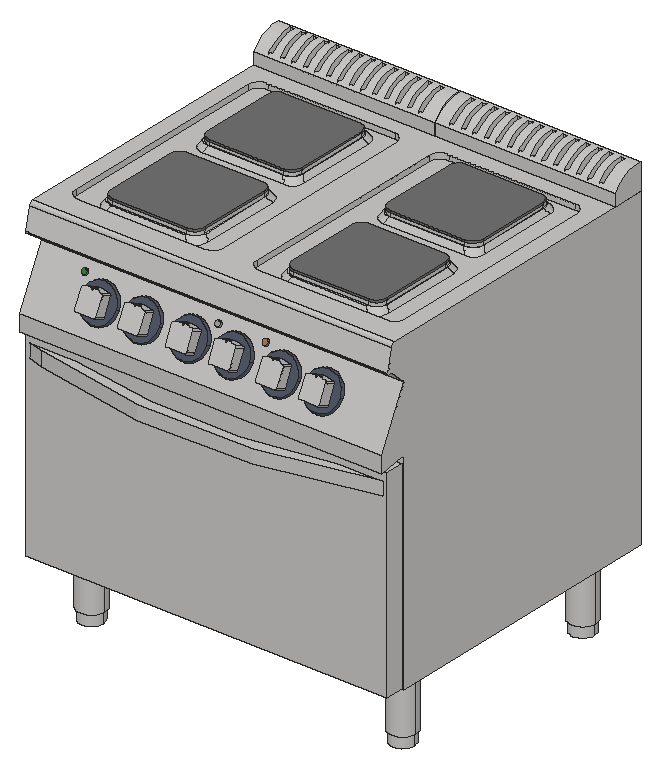
Revit family "QF_ZANUSSI_372018_Z7ECEH4QE0", category Specialty Equipment, Revit 2018
Family settings
  Round Connector Dimension = Use Diameter
  Part Type = Normal
  Work Plane-Based = No
  Always vertical = Yes
  Cut with Voids When Loaded = No
  Shared = No
  Room Calculation Point = No
Parameters
  Width = 800 mm  # constant formula
  Weight in Pounds = 176  # constant formula
  Weight = 0.00 kg
  Watts = 16400 W  # constant formula
  Volts = 400 V  # constant formula
  URL Manufacturer = "http://www.zanussiprofessional.com"
  URL Cutsheet = "www.electrolux.com/foodservice"
  URL = "http://www.zanussiprofessional.com"
  Type Mark [instance] = ""
  Steam Supply Size = 0"
  Steam Supply Minimum Pressure = 0.00 psi
  Steam Supply Maximum Pressure = 0.00 psi
  Steam Pounds per Hour = 0
  Status [instance] = ""
  Specification by User [instance] = ""
  Specification by Manufacturer = ""
  Show Logo [instance] = yes
  Show Clearance [instance] = yes
  Serial Number = ""
  Seismic Rating = ""
  SMACNA No = ""
  Revision Code [instance] = ""
  Refrigeration Suction Line Size = 0"
  Refrigeration Liquid Line Size = 0"
  Refrigerant Compressor Remote = yes
  Phase = 3  # constant formula
  Omniclass Number and Title = ""
  Number of Poles [instance] = 1
  NAFEM Spec ID Number = ""
  Model = "Z7ECEH4QE0"
  Min Ckt Ampacity = 0 A
  Max Overcurrent Protection = 0 A
  Masterspec = ""
  Manufacturer = "Zanussi"
  Length Actual = 800 mm  # constant formula
  Item Number [instance] = "372018"
  Installed By [instance] = ""
  Identify Quantity as Lot [instance] = yes
  Hot Water Size = 0"
  Height Actual = 850 mm  # constant formula
  Height = 908 mm  # constant formula
  HP = "22 HP"
  Gas Size = 0"
  Gas KW = 0
  Gas Input = 0.0 Btu/h
  Furnished By [instance] = ""
  Foodservice Equipment Identifier [instance] = yes
  FL Amps = if(Phase = 3, Watts / (Volts * 1.73), Watts / Volts)  # 23.6994 A
  Electrical Remarks [instance] = "400 V/3 ph/50/60 Hz"  # constant formula
  Electric Connection Type [instance] = ""
  Elec Conn RI Height [instance] = 0 mm
  Elec Conn Connection Height [instance] = 0 mm
  Direct Waste Size = 0"
  Description = "4-HOT SQUARE PLATE EL.RANGE+OVEN 800 MM"
  Depth Actual = 700 mm  # constant formula
  Depth = 715 mm  # constant formula
  Cycle = if([60 Hertz Option], 60 Hz, 50 Hz)  # 60 Hz
  Conn Plug = ""
  Conn Conduit = yes
  Condensate Return Size = 0"
  Compressed Air Volume = 0 GPM
  Compressed Air Size = 0"
  Compressed Air Pressure = 0.00 psi
  Cold Water Size = 0"
  CSI MasterFormat = ""
  CSI Master Format = ""
  Base Height [instance] = 150 mm  # constant formula
  Apparent Power = if(Phase = 3, Volts * FL Amps * 1.73, Volts * FL Amps)  # 16400 VA
  Accessory = yes
  60 Hertz Option = not([50 Hertz Option])  # yes
  50 Hertz Option = no
Reference planes
  plane 1 "BACK": y = 0
  plane 2: z = 0
  plane 3 "LEFT": x = 0
  plane 4 "RIGHT": x = 800
  plane 5 "FRONT": y = -715
  plane 6 "TOP": z = 908
  plane 7 "Center Y": x = 400
  plane 8 "Center X": y = -357.5
  plane 9 "TOP A": z = 851
  plane 10 "Base": z = 150
  plane 11 "panel": through (-6096, -654.982, 762.364) normal (0, -0.8956, 0.4448)
  plane 12: y = -700
Forms (mm)
  Extrusion 1, solid, material "QF_Finishes_Stainless Steel"
    sketch origin (0, 0, 0) x (0, 1, 0) y (0, 0, 1)
      loop
        line (0, 850) -> (-679.358, 850)
        arc (-679.358, 850) -> (-684.643, 847.811) -> (-686.833, 842.526) r 7.474
        line (-686.833, 842.526) -> (-699.884, 797.011)
        arc (-699.884, 797.011) -> (-699.396, 794.379) -> (-697, 793.184) r 3
        line (-697, 793.184) -> (-686.802, 793.184) -> (-654.982, 761.364) -> (-715, 640.508) -> (-715, 605.508) -> (-658.645, 613.428)
        arc (-658.645, 613.428) -> (-656.101, 612.674) -> (-655, 610.259) r 3.2
        line (-655, 610.259) -> (-655, 150) -> (0, 150) -> (0, 850)
      loop
        line (-700, 600) -> (-700, 155) -> (-660, 155) -> (-660, 600) -> (-700, 600)
    from 0 to 800
  Extrusion 2, solid, material "QF_Finishes_Clearance", visible <- "Show Clearance", detail levels coarse
    sketch origin (0, 0, 0) x (1, 0, 0) y (0, 1, 0)
      loop
        line (0, -715) -> (0, 0) -> (800, 0) -> (800, -715) -> (950.019, -715) -> (950.019, 150.019) -> (-150.019, 150.019) -> (-150.019, -715) -> (0, -715)
    from 0 to 908
  Revolve 3, solid, material "QF_Finishes_Stainless Steel"
    sketch origin (0, -587.387, 608.09) x (0, 0, 1) y (-1, 0, 0)
      loop
        line (-608.09, -56) -> (-458.09, -56) -> (-458.09, -26) -> (-583.09, -26) -> (-583.09, -29.75) -> (-608.09, -29.75) -> (-608.09, -56)
      axis (-608.09, -56) -> (-458.09, -56)
    angle from 0 to 360
  Revolve 4, solid, material "QF_Finishes_Stainless Steel"
    sketch origin (400.05, -587.387, 608.09) x (0, 0, 1) y (-1, 0, 0)
      loop
        line (-608.09, -343.95) -> (-608.09, -370.2) -> (-583.09, -370.2) -> (-583.09, -373.95) -> (-458.09, -373.95) -> (-458.09, -343.95) -> (-608.09, -343.95)
      axis (-608.09, -343.95) -> (-458.09, -343.95)
    angle from 0 to 360
  Revolve 5, solid, material "QF_Finishes_Stainless Steel"
    sketch origin (0, -90, 608.09) x (0, 0, 1) y (-1, 0, 0)
      loop
        line (-608.09, -56) -> (-458.09, -56) -> (-458.09, -26) -> (-583.09, -26) -> (-583.09, -29.75) -> (-608.09, -29.75) -> (-608.09, -56)
      axis (-608.09, -56) -> (-458.09, -56)
    angle from 0 to 360
  Revolve 6, solid, material "QF_Finishes_Stainless Steel"
    sketch origin (400.05, -90, 608.09) x (0, 0, 1) y (-1, 0, 0)
      loop
        line (-608.09, -343.95) -> (-608.09, -370.2) -> (-583.09, -370.2) -> (-583.09, -373.95) -> (-458.09, -373.95) -> (-458.09, -343.95) -> (-608.09, -343.95)
      axis (-608.09, -343.95) -> (-458.09, -343.95)
    angle from 0 to 360
  Extrusion 7, solid, material "QF_Finishes_Stainless Steel"
    sketch origin (-77.88, -4572, 150) x (-1, 0, 0) y (0, -1, 0)
      loop
        circle (-830.255, -4059.238) r 12.7
    from 3.2 to 0
  Extrusion 8, solid, material "QF_Finishes_Door Clearance", visible <- "Show Clearance", detail levels coarse
    sketch origin (400, 0, 0) x (0, 1, 0) y (0, 0, 1)
      loop
        line (-684.838, 155) -> (-684.838, 600)
        arc (-684.838, 600) -> (-986.753, 462.852) -> (-1110, 155) r 445
        line (-1110, 155) -> (-684.838, 155)
    from -400.05 to 400.05
  Extrusion 9, solid, material "QF_Finishes_Stainless Steel"
    sketch origin (0, 0, 576.362) x (0, 1, 0) y (0, 0, 1)
      loop
        line (0, 274.638) -> (0, 331.638)
        arc (0, 331.638) -> (-38.834, 324.478) -> (-69.85, 300.038) r 82.215
        line (-69.85, 300.038) -> (-69.85, 274.638) -> (0, 274.638)
    from 0 to 400.05
  Extrusion 10, void
    sketch origin (0, 0, 851) x (0, -1, 0) y (1, 0, 0)
      loop
        line (6.761, 29.703) -> (63.911, 29.703) -> (63.911, 38.999) -> (6.761, 38.999) -> (6.761, 29.703)
      loop
        line (63.911, 64.487) -> (6.761, 64.487) -> (6.761, 55.191) -> (63.911, 55.191) -> (63.911, 64.487)
      loop
        line (63.911, 89.975) -> (6.761, 89.975) -> (6.761, 80.68) -> (63.911, 80.68) -> (63.911, 89.975)
      loop
        line (63.911, 115.464) -> (6.761, 115.464) -> (6.761, 106.168) -> (63.911, 106.168) -> (63.911, 115.464)
      loop
        line (63.911, 140.952) -> (6.761, 140.952) -> (6.761, 131.656) -> (63.911, 131.656) -> (63.911, 140.952)
      loop
        line (63.911, 166.44) -> (6.761, 166.44) -> (6.761, 157.145) -> (63.911, 157.145) -> (63.911, 166.44)
      loop
        line (63.911, 191.929) -> (6.761, 191.929) -> (6.761, 182.633) -> (63.911, 182.633) -> (63.911, 191.929)
      loop
        line (63.911, 217.417) -> (6.761, 217.417) -> (6.761, 208.121) -> (63.911, 208.121) -> (63.911, 217.417)
      loop
        line (63.911, 242.905) -> (6.761, 242.905) -> (6.761, 233.61) -> (63.911, 233.61) -> (63.911, 242.905)
      loop
        line (63.911, 268.394) -> (6.761, 268.394) -> (6.761, 259.098) -> (63.911, 259.098) -> (63.911, 268.394)
      loop
        line (63.911, 293.882) -> (6.761, 293.882) -> (6.761, 284.586) -> (63.911, 284.586) -> (63.911, 293.882)
      loop
        line (63.911, 319.37) -> (6.761, 319.37) -> (6.761, 310.075) -> (63.911, 310.075) -> (63.911, 319.37)
      loop
        line (63.911, 344.859) -> (6.761, 344.859) -> (6.761, 335.563) -> (63.911, 335.563) -> (63.911, 344.859)
      loop
        line (63.911, 370.347) -> (6.761, 370.347) -> (6.761, 361.051) -> (63.911, 361.051) -> (63.911, 370.347)
    from 25.4 to 63.5
  Extrusion 11, void
    sketch origin (0, 0, 851) x (1, 0, 0) y (0, -1, 0)
      loop
        line (60.425, 104.885) -> (339.575, 104.885)
        arc (339.575, 104.885) -> (357.536, 112.324) -> (364.975, 130.285) r 25.4
        line (364.975, 130.285) -> (364.975, 604.235)
        arc (364.975, 604.235) -> (357.536, 622.195) -> (339.575, 629.635) r 25.4
        line (339.575, 629.635) -> (60.425, 629.635)
        arc (60.425, 629.635) -> (42.464, 622.195) -> (35.025, 604.235) r 25.4
        line (35.025, 604.235) -> (35.025, 130.285)
        arc (35.025, 130.285) -> (42.464, 112.324) -> (60.425, 104.885) r 25.4
      loop
        arc (739.575, 104.885) -> (757.536, 112.324) -> (764.975, 130.285) r 25.4
        line (764.975, 130.285) -> (764.975, 604.235)
        arc (764.975, 604.235) -> (757.536, 622.195) -> (739.575, 629.635) r 25.4
        line (739.575, 629.635) -> (460.425, 629.635)
        arc (460.425, 629.635) -> (442.464, 622.195) -> (435.025, 604.235) r 25.4
        line (435.025, 604.235) -> (435.025, 130.285)
        arc (435.025, 130.285) -> (442.464, 112.324) -> (460.425, 104.885) r 25.4
        line (460.425, 104.885) -> (739.575, 104.885)
    from 0 to 12.7
  Extrusion 12, solid, material "QF_Finishes_Stainless Steel"
    sketch origin (400.05, 0, 576.362) x (0, 1, 0) y (0, 0, 1)
      loop
        line (0, 274.638) -> (0, 331.638)
        arc (0, 331.638) -> (-38.834, 324.478) -> (-69.85, 300.038) r 82.215
        line (-69.85, 300.038) -> (-69.85, 274.638) -> (0, 274.638)
    from 0 to 400.05
  Extrusion 13, void
    sketch origin (400.05, 0, 851) x (0, -1, 0) y (1, 0, 0)
      loop
        line (6.761, 29.653) -> (63.911, 29.653) -> (63.911, 38.949) -> (6.761, 38.949) -> (6.761, 29.653)
      loop
        line (63.911, 64.437) -> (6.761, 64.437) -> (6.761, 55.141) -> (63.911, 55.141) -> (63.911, 64.437)
      loop
        line (63.911, 89.925) -> (6.761, 89.925) -> (6.761, 80.63) -> (63.911, 80.63) -> (63.911, 89.925)
      loop
        line (63.911, 115.414) -> (6.761, 115.414) -> (6.761, 106.118) -> (63.911, 106.118) -> (63.911, 115.414)
      loop
        line (63.911, 140.902) -> (6.761, 140.902) -> (6.761, 131.606) -> (63.911, 131.606) -> (63.911, 140.902)
      loop
        line (63.911, 166.39) -> (6.761, 166.39) -> (6.761, 157.095) -> (63.911, 157.095) -> (63.911, 166.39)
      loop
        line (63.911, 191.879) -> (6.761, 191.879) -> (6.761, 182.583) -> (63.911, 182.583) -> (63.911, 191.879)
      loop
        line (63.911, 217.367) -> (6.761, 217.367) -> (6.761, 208.071) -> (63.911, 208.071) -> (63.911, 217.367)
      loop
        line (63.911, 242.855) -> (6.761, 242.855) -> (6.761, 233.56) -> (63.911, 233.56) -> (63.911, 242.855)
      loop
        line (63.911, 268.344) -> (6.761, 268.344) -> (6.761, 259.048) -> (63.911, 259.048) -> (63.911, 268.344)
      loop
        line (63.911, 293.832) -> (6.761, 293.832) -> (6.761, 284.536) -> (63.911, 284.536) -> (63.911, 293.832)
      loop
        line (63.911, 319.32) -> (6.761, 319.32) -> (6.761, 310.025) -> (63.911, 310.025) -> (63.911, 319.32)
      loop
        line (63.911, 344.809) -> (6.761, 344.809) -> (6.761, 335.513) -> (63.911, 335.513) -> (63.911, 344.809)
      loop
        line (63.911, 370.297) -> (6.761, 370.297) -> (6.761, 361.001) -> (63.911, 361.001) -> (63.911, 370.297)
    from 25.4 to 63.5
  Blend 14, solid, material "QF_Finishes_Navy Blue"
    base sketch origin (152.5, -684.991, 701.936) x (1, 0, 0) y (0, 0.444781, 0.895639)
      loop
        circle (0, 0) r 42.5
    top sketch origin (152.5, -684.991, 701.936) x (1, 0, 0) y (0, 0.444781, 0.895639)
      loop
        circle (0, 0) r 40.5
    from 0 to 5
  Extrusion 15, solid, material "QF_Finishes_Stainless Steel"
    sketch origin (152.5, -684.991, 701.936) x (1, 0, 0) y (0, 0.444781, 0.895639)
      loop
        arc (-21.147, 22.789) -> (-22.494, 21.685) -> (-23, 20.019) r 2.997
        line (-23, 20.019) -> (-23, -20.019)
        arc (-23, -20.019) -> (-22.122, -22.138) -> (-20.003, -23.016) r 2.997
        line (-20.003, -23.016) -> (20.003, -23.016)
        arc (20.003, -23.016) -> (22.122, -22.138) -> (23, -20.019) r 2.997
        line (23, -20.019) -> (23, 20.019)
        arc (23, 20.019) -> (22.494, 21.685) -> (21.147, 22.789) r 2.997
        arc (21.147, 22.789) -> (0, 26.984) -> (-21.147, 22.789) r 55.4
    from 10 to 34
  Extrusion 16, solid, material "QF_Plastic-Black-Matte"
    sketch origin (210, -684.991, 701.936) x (0, 0.444781, 0.895639) y (0, -0.895639, 0.444781)
      loop
        line (26.984, 34) -> (26.984, 19) -> (27.984, 19) -> (27.984, 34)
        arc (27.984, 34) -> (27.691, 34.707) -> (26.984, 35) r 1
        line (26.984, 35) -> (23.984, 35) -> (23.984, 34) -> (26.984, 34)
    from -58.5 to -56.5
  Extrusion 17, solid, material "QF_Finishes_Stainless Steel"
    sketch origin (152.5, -684.991, 701.936) x (1, 0, 0) y (0, 0.444781, 0.895639)
      loop
        line (17.5, 17.5) -> (-17.5, 17.5) -> (-17.5, -17.5) -> (17.5, -17.5) -> (17.5, 17.5)
    from 5 to 10
  Extrusion 18, solid, material "QF_Plastic-Black-Matte"
    sketch origin (190, -684.991, 701.936) x (0, 0.444781, 0.895639) y (0, 0.895639, -0.444781)
      loop
        line (26.984, -34) -> (23.984, -34) -> (23.984, -35) -> (26.984, -35)
        arc (26.984, -35) -> (27.691, -34.707) -> (27.984, -34) r 1
        line (27.984, -34) -> (27.984, -19) -> (26.984, -19) -> (26.984, -34)
    from -58.5 to -56.5
  Extrusion 19, solid, material "QF_Finishes_Stainless Steel"
    sketch origin (247.5, -684.991, 701.936) x (-1, 0, 0) y (0, -0.444781, -0.895639)
      loop
        line (17.55, -17.5) -> (17.55, 17.5) -> (-17.45, 17.5) -> (-17.45, -17.5) -> (17.55, -17.5)
    from 5 to 10
  Blend 20, solid, material "QF_Finishes_Navy Blue"
    base sketch origin (247.5, -684.991, 701.936) x (1, 0, 0) y (0, 0.444781, 0.895639)
      loop
        circle (-0.05, 0) r 42.5
    top sketch origin (247.5, -684.991, 701.936) x (1, 0, 0) y (0, 0.444781, 0.895639)
      loop
        circle (-0.05, 0) r 40.5
    from 0 to 5
  Extrusion 21, solid, material "QF_Finishes_Stainless Steel"
    sketch origin (247.5, -684.991, 701.936) x (-1, 0, 0) y (0, -0.444781, -0.895639)
      loop
        arc (-21.097, -22.789) -> (0.05, -26.984) -> (21.197, -22.789) r 55.4
        arc (21.197, -22.789) -> (22.544, -21.685) -> (23.05, -20.019) r 2.997
        line (23.05, -20.019) -> (23.05, 20.019)
        arc (23.05, 20.019) -> (22.172, 22.138) -> (20.053, 23.016) r 2.997
        line (20.053, 23.016) -> (-19.953, 23.016)
        arc (-19.953, 23.016) -> (-22.072, 22.138) -> (-22.95, 20.019) r 2.997
        line (-22.95, 20.019) -> (-22.95, -20.019)
        arc (-22.95, -20.019) -> (-22.444, -21.685) -> (-21.097, -22.789) r 2.997
    from 10 to 34
  Blend 22, solid, material "QF_Finishes_Navy Blue"
    base sketch origin (447.5, -684.991, 701.936) x (1, 0, 0) y (0, 0.444781, 0.895639)
      loop
        circle (-0.05, 0) r 42.5
    top sketch origin (447.5, -684.991, 701.936) x (1, 0, 0) y (0, 0.444781, 0.895639)
      loop
        circle (-0.05, 0) r 40.5
    from 0 to 5
  Extrusion 23, solid, material "QF_Finishes_Stainless Steel"
    sketch origin (215, -684.991, 701.936) x (1, 0, 0) y (0, 0.444781, 0.895639)
      loop
        arc (211.303, 22.789) -> (209.956, 21.685) -> (209.45, 20.019) r 2.997
        line (209.45, 20.019) -> (209.45, -20.019)
        arc (209.45, -20.019) -> (210.328, -22.138) -> (212.447, -23.016) r 2.997
        line (212.447, -23.016) -> (252.453, -23.016)
        arc (252.453, -23.016) -> (254.572, -22.138) -> (255.45, -20.019) r 2.997
        line (255.45, -20.019) -> (255.45, 20.019)
        arc (255.45, 20.019) -> (254.944, 21.685) -> (253.597, 22.789) r 2.997
        arc (253.597, 22.789) -> (232.45, 26.984) -> (211.303, 22.789) r 55.4
    from 10 to 34
  Blend 24, solid, material "QF_Finishes_Navy Blue"
    base sketch origin (552.5, -684.991, 701.936) x (1, 0, 0) y (0, 0.444781, 0.895639)
      loop
        circle (-0.05, 0) r 42.5
    top sketch origin (552.5, -684.991, 701.936) x (1, 0, 0) y (0, 0.444781, 0.895639)
      loop
        circle (-0.05, 0) r 40.5
    from 0 to 5
  Extrusion 25, solid, material "QF_Finishes_Stainless Steel"
    sketch origin (552.5, -684.991, 701.936) x (1, 0, 0) y (0, 0.444781, 0.895639)
      loop
        arc (-21.197, 22.789) -> (-22.544, 21.685) -> (-23.05, 20.019) r 2.997
        line (-23.05, 20.019) -> (-23.05, -20.019)
        arc (-23.05, -20.019) -> (-22.172, -22.138) -> (-20.053, -23.016) r 2.997
        line (-20.053, -23.016) -> (19.953, -23.016)
        arc (19.953, -23.016) -> (22.072, -22.138) -> (22.95, -20.019) r 2.997
        line (22.95, -20.019) -> (22.95, 20.019)
        arc (22.95, 20.019) -> (22.444, 21.685) -> (21.097, 22.789) r 2.997
        arc (21.097, 22.789) -> (-0.05, 26.984) -> (-21.197, 22.789) r 55.4
    from 10 to 34
  Extrusion 26, solid, material "QF_Plastic-Black-Matte"
    sketch origin (610, -684.991, 701.936) x (0, 0.444781, 0.895639) y (0, -0.895639, 0.444781)
      loop
        line (26.984, 34) -> (26.984, 19) -> (27.984, 19) -> (27.984, 34)
        arc (27.984, 34) -> (27.691, 34.707) -> (26.984, 35) r 1
        line (26.984, 35) -> (23.984, 35) -> (23.984, 34) -> (26.984, 34)
    from -58.5 to -56.5
  Extrusion 27, solid, material "QF_Finishes_Stainless Steel"
    sketch origin (552.5, -684.991, 701.936) x (1, 0, 0) y (0, 0.444781, 0.895639)
      loop
        line (17.45, 17.5) -> (-17.55, 17.5) -> (-17.55, -17.5) -> (17.45, -17.5) -> (17.45, 17.5)
    from 5 to 10
  Extrusion 28, solid, material "QF_Plastic-Black-Matte"
    sketch origin (590, -684.991, 701.936) x (0, 0.444781, 0.895639) y (0, 0.895639, -0.444781)
      loop
        line (26.984, -34) -> (23.984, -34) -> (23.984, -35) -> (26.984, -35)
        arc (26.984, -35) -> (27.691, -34.707) -> (27.984, -34) r 1
        line (27.984, -34) -> (27.984, -19) -> (26.984, -19) -> (26.984, -34)
    from -58.5 to -56.5
  Extrusion 29, solid, material "QF_Finishes_Stainless Steel"
    sketch origin (647.5, -684.991, 701.936) x (-1, 0, 0) y (0, -0.444781, -0.895639)
      loop
        line (17.6, -17.5) -> (17.6, 17.5) -> (-17.4, 17.5) -> (-17.4, -17.5) -> (17.6, -17.5)
    from 5 to 10
  Blend 30, solid, material "QF_Finishes_Navy Blue"
    base sketch origin (647.5, -684.991, 701.936) x (1, 0, 0) y (0, 0.444781, 0.895639)
      loop
        circle (-0.1, 0) r 42.5
    top sketch origin (647.5, -684.991, 701.936) x (1, 0, 0) y (0, 0.444781, 0.895639)
      loop
        circle (-0.1, 0) r 40.5
    from 0 to 5
  Extrusion 31, solid, material "QF_Finishes_Stainless Steel"
    sketch origin (647.5, -684.991, 701.936) x (-1, 0, 0) y (0, -0.444781, -0.895639)
      loop
        arc (-21.047, -22.789) -> (0.1, -26.984) -> (21.247, -22.789) r 55.4
        arc (21.247, -22.789) -> (22.594, -21.685) -> (23.1, -20.019) r 2.997
        line (23.1, -20.019) -> (23.1, 20.019)
        arc (23.1, 20.019) -> (22.222, 22.138) -> (20.103, 23.016) r 2.997
        line (20.103, 23.016) -> (-19.903, 23.016)
        arc (-19.903, 23.016) -> (-22.022, 22.138) -> (-22.9, 20.019) r 2.997
        line (-22.9, 20.019) -> (-22.9, -20.019)
        arc (-22.9, -20.019) -> (-22.394, -21.685) -> (-21.047, -22.789) r 2.997
    from 10 to 34
  Extrusion 32, solid, material "QF_Plastic-Black-Matte"
    sketch origin (295, -684.991, 701.936) x (0, 0.444781, 0.895639) y (0, 0.895639, -0.444781)
      loop
        line (26.984, -34) -> (23.984, -34) -> (23.984, -35) -> (26.984, -35)
        arc (26.984, -35) -> (27.691, -34.707) -> (27.984, -34) r 1
        line (27.984, -34) -> (27.984, -19) -> (26.984, -19) -> (26.984, -34)
    from -58.5 to -56.5
  Extrusion 33, solid, material "QF_Finishes_Stainless Steel"
    sketch origin (352.5, -684.991, 701.936) x (-1, 0, 0) y (0, -0.444781, -0.895639)
      loop
        line (17.55, -17.5) -> (17.55, 17.5) -> (-17.45, 17.5) -> (-17.45, -17.5) -> (17.55, -17.5)
    from 5 to 10
  Extrusion 34, solid, material "QF_Finishes_Stainless Steel"
    sketch origin (352.5, -684.991, 701.936) x (-1, 0, 0) y (0, -0.444781, -0.895639)
      loop
        arc (-21.097, -22.789) -> (0.05, -26.984) -> (21.197, -22.789) r 55.4
        arc (21.197, -22.789) -> (22.544, -21.685) -> (23.05, -20.019) r 2.997
        line (23.05, -20.019) -> (23.05, 20.019)
        arc (23.05, 20.019) -> (22.172, 22.138) -> (20.053, 23.016) r 2.997
        line (20.053, 23.016) -> (-19.953, 23.016)
        arc (-19.953, 23.016) -> (-22.072, 22.138) -> (-22.95, 20.019) r 2.997
        line (-22.95, 20.019) -> (-22.95, -20.019)
        arc (-22.95, -20.019) -> (-22.444, -21.685) -> (-21.097, -22.789) r 2.997
    from 10 to 34
  Blend 35, solid, material "QF_Finishes_Navy Blue"
    base sketch origin (352.5, -684.991, 701.936) x (1, 0, 0) y (0, 0.444781, 0.895639)
      loop
        circle (-0.05, 0) r 42.5
    top sketch origin (352.5, -684.991, 701.936) x (1, 0, 0) y (0, 0.444781, 0.895639)
      loop
        circle (-0.05, 0) r 40.5
    from 0 to 5
  Extrusion 36, solid, material "QF_Plastic-Black-Matte"
    sketch origin (390, -684.991, 701.936) x (0, 0.444781, 0.895639) y (0, 0.895639, -0.444781)
      loop
        line (26.984, -34) -> (23.984, -34) -> (23.984, -35) -> (26.984, -35)
        arc (26.984, -35) -> (27.691, -34.707) -> (27.984, -34) r 1
        line (27.984, -34) -> (27.984, -19) -> (26.984, -19) -> (26.984, -34)
    from -58.5 to -56.5
  Extrusion 37, solid, material "QF_Finishes_Stainless Steel"
    sketch origin (447.5, -684.991, 701.936) x (-1, 0, 0) y (0, -0.444781, -0.895639)
      loop
        line (17.55, -17.5) -> (17.55, 17.5) -> (-17.45, 17.5) -> (-17.45, -17.5) -> (17.55, -17.5)
    from 5 to 10
  Extrusion 38, solid, material "QF_Finishes_Gray"
    sketch origin (0, -829.045, 411.86) x (0, 0.444781, 0.895639) y (-1, 0, 0)
      loop
        circle (366.376, -399.95) r 6
    from 0 to 1.6
  Extrusion 39, solid, material "QF_Finishes_Brown"
    sketch origin (105, -829.045, 411.86) x (0, 0.444781, 0.895639) y (-1, 0, 0)
      loop
        circle (366.376, -399.95) r 6
    from 0 to 1.6
  Extrusion 40, solid, material "QF_Finishes_DarkGreen"
    sketch origin (-295, -829.045, 411.86) x (0, 0.444781, 0.895639) y (-1, 0, 0)
      loop
        circle (366.376, -400) r 6
    from 0 to 1.6
  Extrusion 41, solid, material "QF_Finishes_Stainless Steel"
    sketch origin (-77.88, -4572, 150) x (-1, 0, 0) y (0, -1, 0)
      loop
        line (-867.83, -3872) -> (-774.225, -3872)
        arc (-774.225, -3872) -> (-477.88, -3837.012) -> (-181.535, -3872) r 1272.488
        line (-181.535, -3872) -> (-87.93, -3872)
        arc (-87.93, -3872) -> (-105.149, -3866.705) -> (-122.441, -3861.65) r 1297.485
        arc (-122.441, -3861.65) -> (-495.895, -3812.14) -> (-867.83, -3872) r 1297.485
    from 400 to 430
Cuts and joins
  Extrusion 10, Extrusion 13 cuts Extrusion 9
  Extrusion 11 cuts Extrusion 1
  Extrusion 13 cuts Extrusion 2
  Extrusion 13 cuts Extrusion 12
Lines and regions (mm)
  Split face 1
    outline origin (152.5, -689.469, 704.16) x (1, 0, 0) y (0, 0.444781, 0.895639)
      loop
        circle (-33, 0) r 3
  Split face 2
    outline origin (253.401, -689.469, 704.16) x (1, 0, 0) y (0, 0.444781, 0.895639)
      loop
        line (-8.901, 38.561) -> (-8.901, 28.561) -> (-2.901, 28.561) -> (-2.901, 38.561) -> (-8.901, 38.561)
  Split face 3
    outline origin (253.401, -689.469, 704.16) x (1, 0, 0) y (0, 0.444781, 0.895639)
      loop
        line (-8.401, 38.061) -> (-8.401, 29.061) -> (-3.401, 29.061) -> (-3.401, 38.061) -> (-8.401, 38.061)
  Split face 4
    outline origin (253.401, -689.469, 704.16) x (1, 0, 0) y (0, 0.444781, 0.895639)
      loop
        line (-8.401, 33.561) -> (-3.401, 33.561)
  Split face 5
    outline origin (253.401, -689.469, 704.16) x (1, 0, 0) y (0, 0.444781, 0.895639)
      loop
        line (-8.401, 33.061) -> (-3.401, 33.061)
  Split face 6
    outline origin (158.401, -689.469, 704.16) x (1, 0, 0) y (0, 0.444781, 0.895639)
      loop
        line (-8.901, 38.561) -> (-8.901, 28.561) -> (-2.901, 28.561) -> (-2.901, 38.561) -> (-8.901, 38.561)
  Split face 7
    outline origin (158.401, -689.469, 704.16) x (1, 0, 0) y (0, 0.444781, 0.895639)
      loop
        line (-8.401, 38.061) -> (-8.401, 29.061) -> (-3.401, 29.061) -> (-3.401, 38.061) -> (-8.401, 38.061)
  Split face 8
    outline origin (158.401, -689.469, 704.16) x (1, 0, 0) y (0, 0.444781, 0.895639)
      loop
        line (-8.401, 34.061) -> (-3.401, 34.061)
  Split face 9
    outline origin (158.401, -689.469, 704.16) x (1, 0, 0) y (0, 0.444781, 0.895639)
      loop
        line (-8.401, 33.561) -> (-3.401, 33.561)
  Split face 10
    outline origin (178.157, -675.159, 732.975) x (-1, 0, 0) y (0, -0.444781, -0.895639)
      loop
        circle (43.456, 61.543) r 1.5
  Split face 11
    outline origin (158.401, -689.469, 704.16) x (1, 0, 0) y (0, 0.444781, 0.895639)
      loop
        circle (-5.901, 31.311) r 2.029
  Split face 12
    outline origin (253.401, -689.469, 704.16) x (1, 0, 0) y (0, 0.444781, 0.895639)
      loop
        circle (-5.901, 35.811) r 2.031
  Split face 13
    outline origin (152.5, -689.469, 704.16) x (1, 0, 0) y (0, 0.444781, 0.895639)
      loop
        circle (-24.487, 26.694) r 3.497
  Split face 14
    outline origin (247.5, -689.469, 704.16) x (1, 0, 0) y (0, 0.444781, 0.895639)
      loop
        circle (-24.487, 26.694) r 3.497
  Split face 15
    outline origin (247.5, -689.469, 704.16) x (1, 0, 0) y (0, 0.444781, 0.895639)
      loop
        circle (-33, 0) r 3
  Split face 16
    outline origin (247.5, -689.469, 704.16) x (1, 0, 0) y (0, 0.444781, 0.895639)
      loop
        circle (-17.8, -29.371) r 1.5
  Split face 17
    outline origin (447.5, -689.469, 704.16) x (1, 0, 0) y (0, 0.444781, 0.895639)
      loop
        circle (0, 33) r 1
  Split face 18
    outline origin (447.5, -689.469, 704.16) x (1, 0, 0) y (0, 0.444781, 0.895639)
      loop
        circle (-33, 0) r 1
  Split face 19
    outline origin (447.5, -689.469, 704.16) x (-1, 0, 0) y (0, 0.444781, 0.895639)
      loop
        circle (31.876, -8.541) r 1
  Split face 20
    outline origin (447.5, -689.469, 704.16) x (-1, 0, 0) y (0, 0.444781, 0.895639)
      loop
        circle (28.579, -16.5) r 1
  Split face 21
    outline origin (447.5, -689.469, 704.16) x (-1, 0, 0) y (0, 0.444781, 0.895639)
      loop
        circle (23.335, -23.335) r 1
  Split face 22
    outline origin (447.5, -689.469, 704.16) x (-1, 0, 0) y (0, 0.444781, 0.895639)
      loop
        circle (16.5, -28.579) r 1
  Split face 23
    outline origin (447.5, -689.469, 704.16) x (-1, 0, 0) y (0, 0.444781, 0.895639)
      loop
        circle (8.541, -31.876) r 1
  Split face 24
    outline origin (447.5, -689.469, 704.16) x (1, 0, 0) y (0, -0.444781, -0.895639)
      loop
        circle (33, 0) r 1
  Split face 25
    outline origin (447.5, -689.469, 704.16) x (-1, 0, 0) y (0, -0.444781, -0.895639)
      loop
        circle (-8.541, 31.876) r 1
  Split face 26
    outline origin (447.5, -689.469, 704.16) x (-1, 0, 0) y (0, -0.444781, -0.895639)
      loop
        circle (-16.5, 28.579) r 1
  Split face 27
    outline origin (447.5, -689.469, 704.16) x (-1, 0, 0) y (0, -0.444781, -0.895639)
      loop
        circle (-23.335, 23.335) r 1
  Split face 28
    outline origin (447.5, -689.469, 704.16) x (-1, 0, 0) y (0, -0.444781, -0.895639)
      loop
        circle (-28.579, 16.5) r 1
  Split face 29
    outline origin (447.5, -689.469, 704.16) x (-1, 0, 0) y (0, -0.444781, -0.895639)
      loop
        circle (-31.876, 8.541) r 1
  Split face 30
    outline origin (552.5, -689.469, 704.16) x (1, 0, 0) y (0, 0.444781, 0.895639)
      loop
        circle (-33, 0) r 3
  Split face 31
    outline origin (653.401, -689.469, 704.16) x (1, 0, 0) y (0, 0.444781, 0.895639)
      loop
        line (-8.901, 38.561) -> (-8.901, 28.561) -> (-2.901, 28.561) -> (-2.901, 38.561) -> (-8.901, 38.561)
  Split face 32
    outline origin (653.401, -689.469, 704.16) x (1, 0, 0) y (0, 0.444781, 0.895639)
      loop
        line (-8.401, 38.061) -> (-8.401, 29.061) -> (-3.401, 29.061) -> (-3.401, 38.061) -> (-8.401, 38.061)
  Split face 33
    outline origin (653.401, -689.469, 704.16) x (1, 0, 0) y (0, 0.444781, 0.895639)
      loop
        line (-8.401, 33.561) -> (-3.401, 33.561)
  Split face 34
    outline origin (653.401, -689.469, 704.16) x (1, 0, 0) y (0, 0.444781, 0.895639)
      loop
        line (-8.401, 33.061) -> (-3.401, 33.061)
  Split face 35
    outline origin (558.401, -689.469, 704.16) x (1, 0, 0) y (0, 0.444781, 0.895639)
      loop
        line (-8.901, 38.561) -> (-8.901, 28.561) -> (-2.901, 28.561) -> (-2.901, 38.561) -> (-8.901, 38.561)
  Split face 36
    outline origin (558.401, -689.469, 704.16) x (1, 0, 0) y (0, 0.444781, 0.895639)
      loop
        line (-8.401, 38.061) -> (-8.401, 29.061) -> (-3.401, 29.061) -> (-3.401, 38.061) -> (-8.401, 38.061)
  Split face 37
    outline origin (558.401, -689.469, 704.16) x (1, 0, 0) y (0, 0.444781, 0.895639)
      loop
        line (-8.401, 34.061) -> (-3.401, 34.061)
  Split face 38
    outline origin (558.401, -689.469, 704.16) x (1, 0, 0) y (0, 0.444781, 0.895639)
      loop
        line (-8.401, 33.561) -> (-3.401, 33.561)
  Split face 39
    outline origin (578.157, -675.159, 732.975) x (-1, 0, 0) y (0, -0.444781, -0.895639)
      loop
        circle (43.456, 61.543) r 1.5
  Split face 40
    outline origin (558.401, -689.469, 704.16) x (1, 0, 0) y (0, 0.444781, 0.895639)
      loop
        circle (-5.901, 31.311) r 2.029
  Split face 41
    outline origin (653.401, -689.469, 704.16) x (1, 0, 0) y (0, 0.444781, 0.895639)
      loop
        circle (-5.901, 35.811) r 2.031
  Split face 42
    outline origin (552.5, -689.469, 704.16) x (1, 0, 0) y (0, 0.444781, 0.895639)
      loop
        circle (-24.487, 26.694) r 3.497
  Split face 43
    outline origin (647.5, -689.469, 704.16) x (1, 0, 0) y (0, 0.444781, 0.895639)
      loop
        circle (-24.487, 26.694) r 3.497
  Split face 44
    outline origin (647.5, -689.469, 704.16) x (1, 0, 0) y (0, 0.444781, 0.895639)
      loop
        circle (-33, 0) r 3
  Split face 45
    outline origin (647.5, -689.469, 704.16) x (1, 0, 0) y (0, 0.444781, 0.895639)
      loop
        circle (-17.8, -29.371) r 1.5
  Split face 46
    outline origin (447.5, -689.469, 704.16) x (1, 0, 0) y (0, 0.444781, 0.895639)
      loop
        circle (0, -33) r 1
  Split face 47
    outline origin (352.5, -689.469, 704.16) x (1, 0, 0) y (0, 0.444781, 0.895639)
      loop
        line (-35.5, 0.5) -> (-29.5, 0.5) -> (-29.5, 2.5) -> (-35.5, 2.5) -> (-35.5, 0.5)
  Split face 48
    outline origin (352.5, -690.803, 701.473) x (1, 0, 0) y (0, 0.444781, 0.895639)
      loop
        line (-35.5, 0.5) -> (-29.5, 0.5) -> (-29.5, 2.5) -> (-35.5, 2.5) -> (-35.5, 0.5)
  Split face 49
    outline origin (352.5, -689.469, 704.16) x (1, 0, 0) y (0, 0.444781, 0.895639)
      loop
        line (-3, -32.32) -> (-3, -34.32) -> (3, -34.32) -> (3, -32.32) -> (-3, -32.32)
  Split face 50
    outline origin (352.5, -689.469, 704.16) x (1, 0, 0) y (0, 0.444781, 0.895639)
      loop
        circle (0, 34.714) r 1.714
  symbolic lines, style "QF-Clearances", visible <- "Show Clearance", detail levels coarse
    curve 1: line (-150.019, 150.019, 851) -> (-150.019, -716.377, 851)
    curve 2: line (950.019, 150.019, 851) -> (-150.019, 150.019, 851)
    curve 3: line (950.019, -716.377, 851) -> (950.019, 150.019, 851)
  symbolic lines
    curve 4: line (0, 0, 851) -> (800, 0, 851)
    curve 5: line (0, -715, 851) -> (0, 0, 851)
    curve 6: line (800, 0, 851) -> (800, -715, 851)
    curve 7: line (0, -69.85, 851) -> (0, -63.012, 851)
    curve 8: line (0, -69.85, 851) -> (800, -69.85, 851)
    curve 12: line (400, -69.85, 851) -> (400, -63.012, 851)
    curve 13: line (60.375, -104.885, 851) -> (339.575, -104.885, 851)
    curve 14: arc (339.575, -104.885, 851) -> (357.536, -112.324, 851) -> (364.975, -130.285, 851) r 25.4
    curve 15: line (364.975, -130.285, 851) -> (364.975, -604.235, 851)
    curve 16: arc (364.975, -604.235, 851) -> (357.536, -622.195, 851) -> (339.575, -629.635, 851) r 25.4
    curve 17: line (339.575, -629.635, 851) -> (60.425, -629.635, 851)
    curve 18: arc (60.425, -629.635, 851) -> (42.464, -622.195, 851) -> (35.025, -604.235, 851) r 25.4
    curve 19: line (35.025, -604.235, 851) -> (35.025, -130.235, 851)
    curve 20: arc (35.025, -130.235, 851) -> (42.45, -112.31, 851) -> (60.375, -104.885, 851) r 25.35
    curve 21: line (460.375, -104.885, 851) -> (739.575, -104.885, 851)
    curve 22: arc (739.575, -104.885, 851) -> (757.536, -112.324, 851) -> (764.975, -130.285, 851) r 25.4
    curve 23: line (764.975, -130.285, 851) -> (764.975, -604.285, 851)
    curve 24: arc (764.975, -604.285, 851) -> (757.536, -622.245, 851) -> (739.575, -629.685, 851) r 25.4
    curve 25: line (739.575, -629.685, 851) -> (460.425, -629.685, 851)
    curve 26: arc (460.425, -629.685, 851) -> (442.429, -622.231, 851) -> (434.975, -604.235, 851) r 25.45
    curve 27: line (434.975, -604.235, 851) -> (434.975, -130.285, 851)
    curve 28: arc (434.975, -130.285, 851) -> (442.414, -112.324, 851) -> (460.375, -104.885, 851) r 25.4
    curve 29: line (400, -69.85, 851) -> (400, 0, 851)
    curve 30: line (29.653, -6.761, 851) -> (38.949, -6.761, 851)
    curve 31: line (29.653, -63.911, 851) -> (29.653, -6.761, 851)
    curve 32: line (38.949, -63.911, 851) -> (29.653, -63.911, 851)
    curve 33: line (38.949, -6.761, 851) -> (38.949, -63.911, 851)
    curve 34: line (55.141, -6.761, 851) -> (64.437, -6.761, 851)
    curve 35: line (55.141, -63.911, 851) -> (55.141, -6.761, 851)
    curve 36: line (64.437, -63.911, 851) -> (55.141, -63.911, 851)
    curve 37: line (64.437, -6.761, 851) -> (64.437, -63.911, 851)
    curve 38: line (80.63, -6.761, 851) -> (89.925, -6.761, 851)
    curve 39: line (80.63, -63.911, 851) -> (80.63, -6.761, 851)
    curve 40: line (89.925, -63.911, 851) -> (80.63, -63.911, 851)
    curve 41: line (89.925, -6.761, 851) -> (89.925, -63.911, 851)
    curve 42: line (106.118, -6.761, 851) -> (115.414, -6.761, 851)
    curve 43: line (106.118, -63.911, 851) -> (106.118, -6.761, 851)
    curve 44: line (115.414, -63.911, 851) -> (106.118, -63.911, 851)
    curve 45: line (115.414, -6.761, 851) -> (115.414, -63.911, 851)
    curve 46: line (131.606, -6.761, 851) -> (140.902, -6.761, 851)
    curve 47: line (131.606, -63.911, 851) -> (131.606, -6.761, 851)
    curve 48: line (140.902, -63.911, 851) -> (131.606, -63.911, 851)
    curve 49: line (140.902, -6.761, 851) -> (140.902, -63.911, 851)
    curve 50: line (157.095, -6.761, 851) -> (166.39, -6.761, 851)
    curve 51: line (157.095, -63.911, 851) -> (157.095, -6.761, 851)
    curve 52: line (166.39, -63.911, 851) -> (157.095, -63.911, 851)
    curve 53: line (166.39, -6.761, 851) -> (166.39, -63.911, 851)
    curve 54: line (182.583, -6.761, 851) -> (191.879, -6.761, 851)
    curve 55: line (182.583, -63.911, 851) -> (182.583, -6.761, 851)
    curve 56: line (191.879, -63.911, 851) -> (182.583, -63.911, 851)
    curve 57: line (191.879, -6.761, 851) -> (191.879, -63.911, 851)
    curve 58: line (208.071, -6.761, 851) -> (217.367, -6.761, 851)
    curve 59: line (208.071, -63.911, 851) -> (208.071, -6.761, 851)
    curve 60: line (217.367, -63.911, 851) -> (208.071, -63.911, 851)
    curve 61: line (217.367, -6.761, 851) -> (217.367, -63.911, 851)
    curve 62: line (233.56, -6.761, 851) -> (242.855, -6.761, 851)
    curve 63: line (233.56, -63.911, 851) -> (233.56, -6.761, 851)
    curve 64: line (242.855, -63.911, 851) -> (233.56, -63.911, 851)
    curve 65: line (242.855, -6.761, 851) -> (242.855, -63.911, 851)
    curve 66: line (259.048, -6.761, 851) -> (268.344, -6.761, 851)
    curve 67: line (259.048, -63.911, 851) -> (259.048, -6.761, 851)
    curve 68: line (268.344, -63.911, 851) -> (259.048, -63.911, 851)
    curve 69: line (268.344, -6.761, 851) -> (268.344, -63.911, 851)
    curve 70: line (284.536, -6.761, 851) -> (293.832, -6.761, 851)
    curve 71: line (284.536, -63.911, 851) -> (284.536, -6.761, 851)
    curve 72: line (293.832, -63.911, 851) -> (284.536, -63.911, 851)
    curve 73: line (293.832, -6.761, 851) -> (293.832, -63.911, 851)
    curve 74: line (310.025, -6.761, 851) -> (319.32, -6.761, 851)
    curve 75: line (310.025, -63.911, 851) -> (310.025, -6.761, 851)
    curve 76: line (319.32, -63.911, 851) -> (310.025, -63.911, 851)
    curve 77: line (319.32, -6.761, 851) -> (319.32, -63.911, 851)
    curve 78: line (335.513, -6.761, 851) -> (344.809, -6.761, 851)
    curve 79: line (335.513, -63.911, 851) -> (335.513, -6.761, 851)
    curve 80: line (344.809, -63.911, 851) -> (335.513, -63.911, 851)
    curve 81: line (344.809, -6.761, 851) -> (344.809, -63.911, 851)
    curve 82: line (361.001, -6.761, 851) -> (370.297, -6.761, 851)
    curve 83: line (361.001, -63.911, 851) -> (361.001, -6.761, 851)
    curve 84: line (370.297, -63.911, 851) -> (361.001, -63.911, 851)
    curve 85: line (370.297, -6.761, 851) -> (370.297, -63.911, 851)
    curve 86: line (770.297, -6.761, 851) -> (761.001, -6.761, 851)
    curve 87: line (770.297, -63.911, 851) -> (770.297, -6.761, 851)
    curve 88: line (761.001, -63.911, 851) -> (770.297, -63.911, 851)
    curve 89: line (761.001, -6.761, 851) -> (761.001, -63.911, 851)
    curve 90: line (744.809, -6.761, 851) -> (735.513, -6.761, 851)
    curve 91: line (744.809, -63.911, 851) -> (744.809, -6.761, 851)
    curve 92: line (735.513, -63.911, 851) -> (744.809, -63.911, 851)
    curve 93: line (735.513, -6.761, 851) -> (735.513, -63.911, 851)
    curve 94: line (719.32, -6.761, 851) -> (710.025, -6.761, 851)
    curve 95: line (719.32, -63.911, 851) -> (719.32, -6.761, 851)
    curve 96: line (710.025, -63.911, 851) -> (719.32, -63.911, 851)
    curve 97: line (710.025, -6.761, 851) -> (710.025, -63.911, 851)
    curve 98: line (693.832, -6.761, 851) -> (684.536, -6.761, 851)
    curve 99: line (693.832, -63.911, 851) -> (693.832, -6.761, 851)
    curve 100: line (684.536, -63.911, 851) -> (693.832, -63.911, 851)
    curve 101: line (684.536, -6.761, 851) -> (684.536, -63.911, 851)
    curve 102: line (668.344, -6.761, 851) -> (659.048, -6.761, 851)
    curve 103: line (668.344, -63.911, 851) -> (668.344, -6.761, 851)
    curve 104: line (659.048, -63.911, 851) -> (668.344, -63.911, 851)
    curve 105: line (659.048, -6.761, 851) -> (659.048, -63.911, 851)
    curve 106: line (642.855, -6.761, 851) -> (633.56, -6.761, 851)
    curve 107: line (642.855, -63.911, 851) -> (642.855, -6.761, 851)
    curve 108: line (633.56, -63.911, 851) -> (642.855, -63.911, 851)
    curve 109: line (633.56, -6.761, 851) -> (633.56, -63.911, 851)
    curve 110: line (617.367, -6.761, 851) -> (608.071, -6.761, 851)
    curve 111: line (617.367, -63.911, 851) -> (617.367, -6.761, 851)
    curve 112: line (608.071, -63.911, 851) -> (617.367, -63.911, 851)
    curve 113: line (608.071, -6.761, 851) -> (608.071, -63.911, 851)
    curve 114: line (591.879, -6.761, 851) -> (582.583, -6.761, 851)
    curve 115: line (591.879, -63.911, 851) -> (591.879, -6.761, 851)
    curve 116: line (582.583, -63.911, 851) -> (591.879, -63.911, 851)
    curve 117: line (582.583, -6.761, 851) -> (582.583, -63.911, 851)
    curve 118: line (566.39, -6.761, 851) -> (557.095, -6.761, 851)
    curve 119: line (566.39, -63.911, 851) -> (566.39, -6.761, 851)
    curve 120: line (557.095, -63.911, 851) -> (566.39, -63.911, 851)
    curve 121: line (557.095, -6.761, 851) -> (557.095, -63.911, 851)
    curve 122: line (540.902, -6.761, 851) -> (531.606, -6.761, 851)
    curve 123: line (540.902, -63.911, 851) -> (540.902, -6.761, 851)
    curve 124: line (531.606, -63.911, 851) -> (540.902, -63.911, 851)
    curve 125: line (531.606, -6.761, 851) -> (531.606, -63.911, 851)
    curve 126: line (515.414, -6.761, 851) -> (506.118, -6.761, 851)
    curve 127: line (515.414, -63.911, 851) -> (515.414, -6.761, 851)
    curve 128: line (506.118, -63.911, 851) -> (515.414, -63.911, 851)
    curve 129: line (506.118, -6.761, 851) -> (506.118, -63.911, 851)
    curve 130: line (489.925, -6.761, 851) -> (480.63, -6.761, 851)
    curve 131: line (489.925, -63.911, 851) -> (489.925, -6.761, 851)
    curve 132: line (480.63, -63.911, 851) -> (489.925, -63.911, 851)
    curve 133: line (480.63, -6.761, 851) -> (480.63, -63.911, 851)
    curve 134: line (464.437, -6.761, 851) -> (455.141, -6.761, 851)
    curve 135: line (464.437, -63.911, 851) -> (464.437, -6.761, 851)
    curve 136: line (455.141, -63.911, 851) -> (464.437, -63.911, 851)
    curve 137: line (455.141, -6.761, 851) -> (455.141, -63.911, 851)
    curve 138: line (438.949, -6.761, 851) -> (429.653, -6.761, 851)
    curve 139: line (438.949, -63.911, 851) -> (438.949, -6.761, 851)
    curve 140: line (429.653, -63.911, 851) -> (438.949, -63.911, 851)
    curve 141: line (429.653, -6.761, 851) -> (429.653, -63.911, 851)
    curve 142: line (0, -715, 851) -> (129.5, -715, 851)
    curve 143: line (0, -700, 0) -> (800, -700, 0)
    curve 144: line (129.525, -700, 0) -> (129.525, -724.347, 0)
    curve 145: arc (129.525, -724.347, 0) -> (129.671, -724.811, 0) -> (130.057, -725.107, 0) r 0.809
    curve 146: arc (130.057, -725.107, 0) -> (131.245, -725.587, 0) -> (132.522, -725.68, 0) r 4.127
    curve 147: arc (129.525, -704.292, 0) -> (124.484, -702.458, 0) -> (119.716, -700, 0) r 42.24
    curve 148: arc (129.525, -706.539, 0) -> (130.027, -705.818, 0) -> (130.824, -705.448, 0) r 1.682
    curve 149: arc (130.824, -705.448, 0) -> (141.127, -703.95, 0) -> (151.525, -703.441, 0) r 109.079
    curve 150: line (151.525, -700, 0) -> (151.525, -705.671, 0)
    curve 151: line (151.525, -705.671, 0) -> (153.525, -705.671, 0)
    curve 152: line (153.525, -705.671, 0) -> (153.525, -700, 0)
    curve 153: line (175.525, -700, 0) -> (175.525, -724.347, 0)
    curve 154: arc (175.525, -724.347, 0) -> (175.379, -724.811, 0) -> (174.993, -725.107, 0) r 0.809
    curve 155: arc (174.993, -725.107, 0) -> (173.805, -725.587, 0) -> (172.528, -725.68, 0) r 4.127
    curve 156: arc (175.525, -704.292, 0) -> (180.566, -702.458, 0) -> (185.334, -700, 0) r 42.24
    curve 157: arc (175.525, -706.539, 0) -> (175.023, -705.818, 0) -> (174.226, -705.448, 0) r 1.682
    curve 158: arc (174.226, -705.448, 0) -> (163.923, -703.95, 0) -> (153.525, -703.441, 0) r 109.079
    curve 159: line (132.522, -725.68, 0) -> (172.528, -725.68, 0)
    curve 160: line (270.525, -700, 0) -> (270.525, -724.347, 0)
    curve 161: arc (270.525, -724.347, 0) -> (270.379, -724.811, 0) -> (269.993, -725.107, 0) r 0.809
    curve 162: arc (269.993, -725.107, 0) -> (268.805, -725.587, 0) -> (267.528, -725.68, 0) r 4.127
    curve 163: arc (270.525, -704.292, 0) -> (275.566, -702.458, 0) -> (280.334, -700, 0) r 42.24
    curve 164: arc (270.525, -706.539, 0) -> (270.023, -705.818, 0) -> (269.226, -705.448, 0) r 1.682
    curve 165: arc (269.226, -705.448, 0) -> (258.923, -703.95, 0) -> (248.525, -703.441, 0) r 109.079
    curve 166: line (248.525, -700, 0) -> (248.525, -705.671, 0)
    curve 167: line (248.525, -705.671, 0) -> (246.525, -705.671, 0)
    curve 168: line (246.525, -705.671, 0) -> (246.525, -700, 0)
    curve 169: line (224.525, -700, 0) -> (224.525, -724.347, 0)
    curve 170: arc (224.525, -724.347, 0) -> (224.671, -724.811, 0) -> (225.057, -725.107, 0) r 0.809
    curve 171: arc (225.057, -725.107, 0) -> (226.245, -725.587, 0) -> (227.522, -725.68, 0) r 4.127
    curve 172: arc (224.525, -704.292, 0) -> (219.484, -702.458, 0) -> (214.716, -700, 0) r 42.24
    curve 173: arc (224.525, -706.539, 0) -> (225.027, -705.818, 0) -> (225.824, -705.448, 0) r 1.682
    curve 174: arc (225.824, -705.448, 0) -> (236.127, -703.95, 0) -> (246.525, -703.441, 0) r 109.079
    curve 175: line (267.528, -725.68, 0) -> (227.522, -725.68, 0)
    curve 176: line (175.525, -715, 0) -> (224.525, -715, 0)
    curve 177: line (270.525, -715, 0) -> (329.525, -715, 0)
    curve 178: line (0, -715, 0) -> (129.525, -715, 0)
    curve 179: line (529.5, -700, 0) -> (529.5, -724.347, 0)
    curve 180: arc (529.5, -724.347, 0) -> (529.646, -724.811, 0) -> (530.032, -725.107, 0) r 0.809
    curve 181: arc (530.032, -725.107, 0) -> (531.22, -725.587, 0) -> (532.497, -725.68, 0) r 4.127
    curve 182: arc (529.5, -704.292, 0) -> (524.459, -702.458, 0) -> (519.691, -700, 0) r 42.24
    curve 183: arc (529.5, -706.539, 0) -> (530.002, -705.818, 0) -> (530.799, -705.448, 0) r 1.682
    curve 184: arc (530.799, -705.448, 0) -> (541.102, -703.95, 0) -> (551.5, -703.441, 0) r 109.079
    curve 185: line (551.5, -700, 0) -> (551.5, -705.671, 0)
    curve 186: line (551.5, -705.671, 0) -> (553.5, -705.671, 0)
    curve 187: line (553.5, -705.671, 0) -> (553.5, -700, 0)
    curve 188: line (575.5, -700, 0) -> (575.5, -724.347, 0)
    curve 189: arc (575.5, -724.347, 0) -> (575.354, -724.811, 0) -> (574.968, -725.107, 0) r 0.809
    curve 190: arc (574.968, -725.107, 0) -> (573.78, -725.587, 0) -> (572.503, -725.68, 0) r 4.127
    curve 191: arc (575.5, -704.292, 0) -> (580.541, -702.458, 0) -> (585.309, -700, 0) r 42.24
    curve 192: arc (575.5, -706.539, 0) -> (574.998, -705.818, 0) -> (574.201, -705.448, 0) r 1.682
    curve 193: arc (574.201, -705.448, 0) -> (563.898, -703.95, 0) -> (553.5, -703.441, 0) r 109.079
    curve 194: line (532.497, -725.68, 0) -> (572.503, -725.68, 0)
    curve 195: line (670.525, -700, 0) -> (670.525, -724.347, 0)
    curve 196: arc (670.525, -724.347, 0) -> (670.379, -724.811, 0) -> (669.993, -725.107, 0) r 0.809
    curve 197: arc (669.993, -725.107, 0) -> (668.805, -725.587, 0) -> (667.528, -725.68, 0) r 4.127
    curve 198: arc (670.525, -704.292, 0) -> (675.566, -702.458, 0) -> (680.334, -700, 0) r 42.24
    curve 199: arc (670.525, -706.539, 0) -> (670.023, -705.818, 0) -> (669.226, -705.448, 0) r 1.682
    curve 200: arc (669.226, -705.448, 0) -> (658.923, -703.95, 0) -> (648.525, -703.441, 0) r 109.079
    curve 201: line (648.525, -700, 0) -> (648.525, -705.671, 0)
    curve 202: line (648.525, -705.671, 0) -> (646.525, -705.671, 0)
    curve 203: line (646.525, -705.671, 0) -> (646.525, -700, 0)
    curve 204: line (624.525, -700, 0) -> (624.525, -724.347, 0)
    curve 205: arc (624.525, -724.347, 0) -> (624.671, -724.811, 0) -> (625.057, -725.107, 0) r 0.809
    curve 206: arc (625.057, -725.107, 0) -> (626.245, -725.587, 0) -> (627.522, -725.68, 0) r 4.127
    curve 207: arc (624.525, -704.292, 0) -> (619.484, -702.458, 0) -> (614.716, -700, 0) r 42.24
    curve 208: arc (624.525, -706.539, 0) -> (625.027, -705.818, 0) -> (625.824, -705.448, 0) r 1.682
    curve 209: arc (625.824, -705.448, 0) -> (636.127, -703.95, 0) -> (646.525, -703.441, 0) r 109.079
    curve 210: line (667.528, -725.68, 0) -> (627.522, -725.68, 0)
    curve 211: line (575.5, -715, 0) -> (624.525, -715, 0)
    curve 212: line (670.525, -715, 0) -> (800.05, -715, 0)
    curve 213: line (329.525, -700, 0) -> (329.525, -724.347, 0)
    curve 214: arc (329.525, -724.347, 0) -> (329.671, -724.811, 0) -> (330.057, -725.107, 0) r 0.809
    curve 215: arc (330.057, -725.107, 0) -> (331.245, -725.587, 0) -> (332.522, -725.68, 0) r 4.127
    curve 216: arc (329.525, -704.292, 0) -> (324.484, -702.458, 0) -> (319.716, -700, 0) r 42.24
    curve 217: arc (329.525, -706.539, 0) -> (330.027, -705.818, 0) -> (330.824, -705.448, 0) r 1.682
    curve 218: arc (330.824, -705.448, 0) -> (341.127, -703.95, 0) -> (351.525, -703.441, 0) r 109.079
    curve 219: line (351.525, -700, 0) -> (351.525, -705.671, 0)
    curve 220: line (351.525, -705.671, 0) -> (353.525, -705.671, 0)
    curve 221: line (353.525, -705.671, 0) -> (353.525, -700, 0)
    curve 222: line (375.525, -700, 0) -> (375.525, -724.347, 0)
    curve 223: arc (375.525, -724.347, 0) -> (375.379, -724.811, 0) -> (374.993, -725.107, 0) r 0.809
    curve 224: arc (374.993, -725.107, 0) -> (373.805, -725.587, 0) -> (372.528, -725.68, 0) r 4.127
    curve 225: arc (375.525, -704.292, 0) -> (380.566, -702.458, 0) -> (385.334, -700, 0) r 42.24
    curve 226: arc (375.525, -706.539, 0) -> (375.023, -705.818, 0) -> (374.226, -705.448, 0) r 1.682
    curve 227: arc (374.226, -705.448, 0) -> (363.923, -703.95, 0) -> (353.525, -703.441, 0) r 109.079
    curve 228: line (332.522, -725.68, 0) -> (372.528, -725.68, 0)
    curve 229: line (470.525, -700, 0) -> (470.525, -724.347, 0)
    curve 230: arc (470.525, -724.347, 0) -> (470.379, -724.811, 0) -> (469.993, -725.107, 0) r 0.809
    curve 231: arc (469.993, -725.107, 0) -> (468.805, -725.587, 0) -> (467.528, -725.68, 0) r 4.127
    curve 232: arc (470.525, -704.292, 0) -> (475.566, -702.458, 0) -> (480.334, -700, 0) r 42.24
    curve 233: arc (470.525, -706.539, 0) -> (470.023, -705.818, 0) -> (469.226, -705.448, 0) r 1.682
    curve 234: arc (469.226, -705.448, 0) -> (458.923, -703.95, 0) -> (448.525, -703.441, 0) r 109.079
    curve 235: line (448.525, -700, 0) -> (448.525, -705.671, 0)
    curve 236: line (448.525, -705.671, 0) -> (446.525, -705.671, 0)
    curve 237: line (446.525, -705.671, 0) -> (446.525, -700, 0)
    curve 238: line (424.525, -700, 0) -> (424.525, -724.347, 0)
    curve 239: arc (424.525, -724.347, 0) -> (424.671, -724.811, 0) -> (425.057, -725.107, 0) r 0.809
    curve 240: arc (425.057, -725.107, 0) -> (426.245, -725.587, 0) -> (427.522, -725.68, 0) r 4.127
    curve 241: arc (424.525, -704.292, 0) -> (419.484, -702.458, 0) -> (414.716, -700, 0) r 42.24
    curve 242: arc (424.525, -706.539, 0) -> (425.027, -705.818, 0) -> (425.824, -705.448, 0) r 1.682
    curve 243: arc (425.824, -705.448, 0) -> (436.127, -703.95, 0) -> (446.525, -703.441, 0) r 109.079
    curve 244: line (467.528, -725.68, 0) -> (427.522, -725.68, 0)
    curve 245: line (375.525, -715, 0) -> (424.525, -715, 0)
    curve 246: line (375.525, -715, 0) -> (424.525, -715, 0)
    curve 247: line (470.525, -715, 0) -> (529.5, -715, 0)
    curve 248: arc (61.252, -714.871, 150) -> (399.753, -759.871, 150) -> (738.27, -715, 150) r 1297.5
    curve 249: arc (624.001, -715, 150) -> (599.81, -719.086, 150) -> (575.545, -722.704, 150) r 1272.5
    curve 250: arc (552.665, -725.68, 150) -> (400, -734.871, 150) -> (247.335, -725.68, 150) r 1272.5
    curve 251: arc (224.459, -722.705, 150) -> (200.192, -719.086, 150) -> (175.999, -715, 150) r 1272.5
  symbolic lines, style "QF-Door Swings"
    curve 9: line (0, -715, 851) -> (0, -1094.413, 851)
    curve 10: line (0, -1094.413, 851) -> (800, -1094.413, 851)
    curve 11: line (800, -1094.413, 851) -> (800, -715, 851)
Dimensions and locks
  equal spacing: plane 3 "LEFT", plane 7 "Center Y", plane 4 "RIGHT"
  "Width": plane 3 "LEFT" to plane 4 "RIGHT"
  equal spacing: plane 5 "FRONT", plane 8 "Center X", plane 1 "BACK"
  "Depth": plane 5 "FRONT" to plane 1 "BACK"
  "Base Height": plane 10 "Base" to level
  Extrusion 7 sketch curve to plane 1 "BACK" = 512.763 mm
  Extrusion 7 sketch curve to plane 4 "RIGHT" = 47.625 mm
  "Height": plane 6 "TOP" to level
  aligned and locked: level to plane 2
  aligned and locked: plane 4 "RIGHT" to Extrusion 1
  aligned and locked: plane 6 "TOP" to Extrusion 2
Automatic sketch dimensions
  plane 5 "FRONT" to Extrusion 2 sketch curve = 0 mm  (x2)
  plane 1 "BACK" to Extrusion 2 sketch curve = 0 mm
  Extrusion 2 sketch curve to plane 3 "LEFT" = 0 mm
  Extrusion 2 sketch curve to plane 4 "RIGHT" = 0 mm
  Extrusion 2 sketch curve to plane 3 "LEFT" = 150.019 mm
  plane 4 "RIGHT" to Extrusion 2 sketch curve = 150.019 mm
  Extrusion 2 sketch curve to plane 1 "BACK" = 150.019 mm
  Revolve 3 sketch curve to level = 0 mm
  Revolve 3 sketch curve to plane 10 "Base" = 0 mm  (x2)
  level to Revolve 3 sketch curve = 25 mm
  plane 3 "LEFT" to Revolve 3 sketch curve = 56 mm
  plane 3 "LEFT" to Revolve 3 sketch curve = 29.75 mm
  plane 3 "LEFT" to Revolve 3 sketch curve = 26 mm
  Revolve 3 sketch curve to Revolve 3 sketch curve = 20 mm
  Revolve 3 sketch curve to Revolve 3 sketch curve = 0 mm
  Revolve 4 sketch curve to level = 0 mm
  Revolve 4 sketch curve to plane 10 "Base" = 0 mm  (x2)
  level to Revolve 4 sketch curve = 25 mm
  Revolve 4 sketch curve to plane 4 "RIGHT" = 26 mm
  Revolve 4 sketch curve to Revolve 4 sketch curve = 3.75 mm
  Revolve 4 sketch curve to Revolve 4 sketch curve = 30 mm
  Revolve 4 sketch curve to Revolve 4 sketch curve = 20 mm
  Revolve 4 sketch curve to Revolve 4 sketch curve = 0 mm
  Revolve 5 sketch curve to level = 0 mm
  Revolve 5 sketch curve to plane 10 "Base" = 0 mm  (x2)
  level to Revolve 5 sketch curve = 25 mm
  plane 3 "LEFT" to Revolve 5 sketch curve = 56 mm
  plane 3 "LEFT" to Revolve 5 sketch curve = 29.75 mm
  plane 3 "LEFT" to Revolve 5 sketch curve = 26 mm
  Revolve 5 sketch curve to Revolve 5 sketch curve = 20 mm
  Revolve 5 sketch curve to Revolve 5 sketch curve = 0 mm
  Revolve 6 sketch curve to level = 0 mm
  Revolve 6 sketch curve to plane 10 "Base" = 0 mm  (x2)
  level to Revolve 6 sketch curve = 25 mm
  Revolve 6 sketch curve to plane 4 "RIGHT" = 26 mm
  Revolve 6 sketch curve to Revolve 6 sketch curve = 3.75 mm
  Revolve 6 sketch curve to Revolve 6 sketch curve = 30 mm
  plane 10 "Base" to Revolve 6 sketch curve = 20 mm
  Revolve 6 sketch curve to Revolve 6 sketch curve = 0 mm
  Extrusion 9 sketch curve to plane 9 "TOP A" = 0 mm
  Extrusion 9 sketch curve to plane 1 "BACK" = 0 mm
  Extrusion 9 sketch curve to plane 6 "TOP" = 0 mm
  plane 1 "BACK" to Extrusion 9 sketch curve = 4.947 mm
  plane 9 "TOP A" to Extrusion 9 sketch curve = 25.4 mm
  plane 1 "BACK" to Extrusion 9 sketch curve = 69.85 mm
  plane 1 "BACK" to Extrusion 10 sketch curve = 6.761 mm  (x14)
  Extrusion 10 sketch curve to Extrusion 10 sketch curve = 57.15 mm
  Extrusion 10 sketch curve to Extrusion 10 sketch curve = 0 mm  (x13)
  plane 3 "LEFT" to Extrusion 10 sketch curve = 29.703 mm
  Extrusion 10 sketch curve to Extrusion 10 sketch curve = 9.296 mm  (x14)
  Extrusion 10 sketch curve to Extrusion 10 sketch curve = 16.193 mm  (x13)
  plane 3 "LEFT" to Extrusion 11 sketch curve = 35.025 mm
  Extrusion 11 sketch curve to Extrusion 11 sketch curve = 25.4 mm  (x6)
  Extrusion 11 sketch curve to plane 7 "Center Y" = 60.425 mm  (x2)
  plane 7 "Center Y" to Extrusion 11 sketch curve = 35.025 mm
  Extrusion 11 sketch curve to plane 4 "RIGHT" = 60.425 mm  (x2)
  Extrusion 11 sketch curve to plane 5 "FRONT" = 85.365 mm  (x2)
  plane 1 "BACK" to Extrusion 11 sketch curve = 130.285 mm  (x2)
  Extrusion 12 sketch curve to plane 9 "TOP A" = 0 mm
  Extrusion 12 sketch curve to plane 1 "BACK" = 0 mm
  Extrusion 12 sketch curve to plane 6 "TOP" = 0 mm
  plane 1 "BACK" to Extrusion 12 sketch curve = 4.947 mm
  plane 9 "TOP A" to Extrusion 12 sketch curve = 25.4 mm
  plane 1 "BACK" to Extrusion 12 sketch curve = 69.85 mm
  plane 1 "BACK" to Extrusion 13 sketch curve = 6.761 mm  (x14)
  Extrusion 13 sketch curve to Extrusion 13 sketch curve = 57.15 mm
  Extrusion 13 sketch curve to Extrusion 13 sketch curve = 0 mm  (x13)
  plane 7 "Center Y" to Extrusion 13 sketch curve = 29.703 mm
  Extrusion 13 sketch curve to Extrusion 13 sketch curve = 9.296 mm  (x14)
  Extrusion 13 sketch curve to Extrusion 13 sketch curve = 16.193 mm  (x13)
  plane 3 "LEFT" to Blend 14 sketch curve = 152.5 mm  (x2)
  plane 3 "LEFT" to Extrusion 15 sketch curve = 129.5 mm
  Extrusion 15 sketch curve to Extrusion 15 sketch curve = 2.997 mm  (x3)
  Extrusion 15 sketch curve to Extrusion 15 sketch curve = 20.003 mm  (x2)
